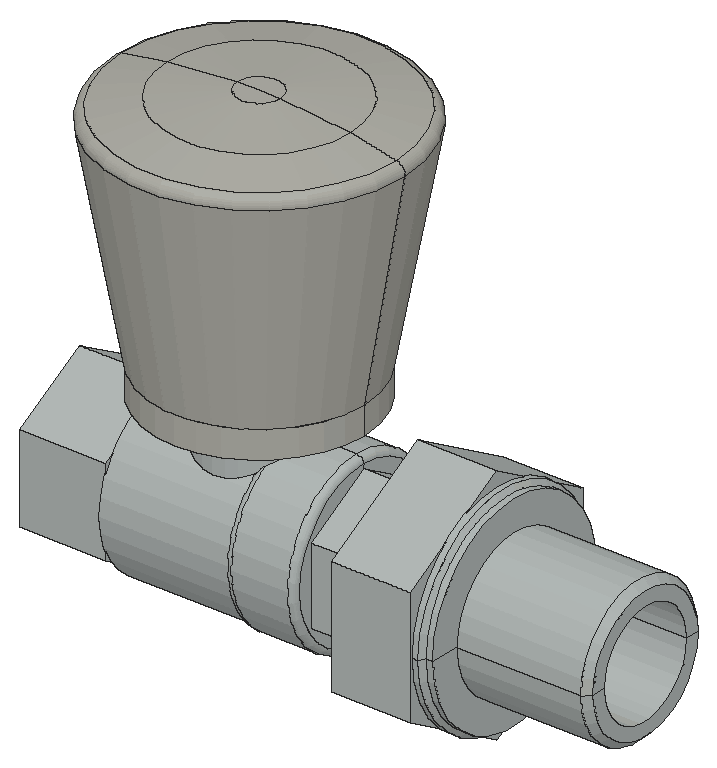
Revit family "QD37200000", category Apparecchi idraulici, Revit 2020
Family settings
  Quota connettore circolare = Usa diametro
  Tipo di parte = Normale
  Numero OmniClass = 23.45.00.00
  Titolo OmniClass = Sanitary, Laundry, and Cleaning Equipment
  Basato su piano di lavoro = No
  Sempre verticale = Sì
  Taglio con vuoti quando caricato = No
  Condiviso = No
  Punto di calcolo locali = No
Parameters
  URL = "https://web.cimberio.it/index.php/figura/710?subcategoria_id=43096"
  Temperatura di esercizio = "-20 ÷ 120°C"
  Prospetto di default = 0 mm
  Produttore = "CIMBERIO SPA"
  Pressione nominale = "PN 25"
  Modello = "Cim 92"
  Materiale = "Prodotto in lega di ottone conforme alla norma EN 12165-CW617N-DW"
  Descrizione = "Utilizzato nei più svariati settori dell'impiantistica: impianti di riscaldamento, condizionamento, idrici, igienico-sanitari, aria compressa e in generale con ogni fluido non corrosivo"
  DN Model [instance] = QD37201015 : QD37201015
  DN [instance] = 15 mm
  Commenti sul tipo = "Realizzato in ottemperanza ai requisiti gestionali della norma EN ISO 9001. Collaudato al 100% secondo la normativa EN 12266-1"
Reference planes
  plane 1 "Centro (Fronte/Retro)": y = 0
  plane 2: z = 0
  plane 3 "Centro (Sinistra/Destra)": x = 0
Dimensions and locks
  aligned and locked: level to plane 2
Nested families
  nested 1: "QD37201015" at (0, 0, 0), type <- "DN Model", type "QD37201015"
  nested 2: "QD37201015" at (0, 0, 0), type <- "DN Model", type "QD37201015"
Connectors
  piping at (55.9, 0, 0), diameter 15, driven by "DN"
    settings: on nested 1, index 1, connector inside diameter 609.6 mm, connector length 0 mm, flow factor 0, pipe flow 0.0 L/s, pressure drop 0.0 Pa, fitting loss kfactor 0, connector angle 0.00°, fixture units 0, engagement length 0 mm, angle of deflection 0.00°, flow configuration 0, flow direction 0, fitting loss method 0, system type 7, joint type 0, gender type 0, connector reference index -1, connector utility 0, adjustable connector no, is connector primary yes, connector description ""
  piping at (-25.997, 0, 0), diameter 15, driven by "DN"
    settings: on nested 1, index 2, connector inside diameter 609.6 mm, connector length 0 mm, flow factor 0, pipe flow 0.0 L/s, pressure drop 0.0 Pa, fitting loss kfactor 0, connector angle 0.00°, fixture units 0, engagement length 0 mm, angle of deflection 0.00°, flow configuration 0, flow direction 0, fitting loss method 0, system type 7, joint type 0, gender type 0, connector reference index -1, connector utility 0, adjustable connector no, is connector primary no, connector description ""
Definition of nested family "QD37201015"
  Parameters (values of type "QD37201015")
    Default Elevation = 0 mm
  Reference planes
    plane 1 "Centro (Fronte/Retro)": y = 0
    plane 2: z = 0
    plane 3 "Centro (Sinistra/Destra)": x = 0
  Forms (mm)
    Extrusion 1, solid
      sketch origin (0, 0, 0) x (0, 1, 0) y (0, 0, 1)
        loop
          circle (0, 0) r 7.5
        loop
          line (0, 17.4) -> (-15.5, 8.451) -> (-15.5, -8.451) -> (0, -17.4) -> (15.5, -8.451) -> (15.5, 8.451) -> (0, 17.4)
      from 22.9 to 34.393
    Revolve 2, solid
      sketch origin (0, 0, 0) x (1, 0, 0) y (0, 0, 1)
        loop
          line (0.065, 27.317) -> (0.065, 8.021) -> (8.5, 8.021) -> (8.5, 20.16)
          arc (8.5, 20.16) -> (8.86, 20.393) -> (9, 20.8) r 0.66
          line (9, 20.8) -> (9, 27.317) -> (0.065, 27.317)
        axis (0.065, 27.317) -> (0.065, 8.021)
      angle from 0 to 360
    Revolve 3, solid
      sketch origin (0, 0, 0) x (1, 0, 0) y (0, 0, 1)
        loop
          line (0, 28.8) -> (-5.984, 28.8) -> (-7.003, 28.281) -> (-7.003, 26.625) -> (0, 26.625) -> (0, 28.8)
        axis (0, 28.8) -> (0, 26.625)
      angle from 0 to 360
    Revolve 4, solid
      sketch origin (4.5, 0, 0) x (1, 0, 0) y (0, 1, 0)
        loop
          line (29.893, 7.5) -> (32.4, 7.5) -> (32.4, 14.75) -> (31.359, 14.75) -> (30.884, 15.467) -> (29.893, 15.467) -> (29.893, 7.5)
        axis (29.893, 0) -> (32.4, 0)
      angle from 0 to 360
    Revolve 5, solid
      sketch origin (4.5, 0, 0) x (1, 0, 0) y (0, 1, 0)
        loop
          line (32.382, 10.45) -> (32.382, 7.5) -> (51.4, 7.5) -> (51.4, 9.45) -> (50.328, 10.45) -> (32.382, 10.45)
        axis (32.382, 0) -> (51.4, 0)
      angle from 0 to 360
    Extrusion 6, solid
      sketch origin (0, 0, 0) x (0, 1, 0) y (0, 0, 1)
        loop
          circle (0, 0) r 7.5
        loop
          line (0, 11) -> (-9.526, 5.5) -> (-9.526, -5.5) -> (0, -11) -> (9.526, -5.5) -> (9.526, 5.5) -> (0, 11)
      from 15 to 21.5
    Revolve 7, solid
      sketch origin (0, 0, 0) x (1, 0, 0) y (0, 0, 1)
        loop
          line (15.07, -7.5) -> (-13.546, -7.5) -> (-13.546, -12.049) -> (5.082, -12.049)
          arc (5.082, -12.049) -> (5.456, -12.395) -> (5.95, -12.521) r 1.034
          line (5.95, -12.521) -> (14.084, -12.521)
          arc (14.084, -12.521) -> (14.781, -12.232) -> (15.07, -11.535) r 0.986
          line (15.07, -11.535) -> (15.07, -7.5)
        axis (-13.546, 0) -> (15.07, 0)
      angle from 0 to 360
    Revolve 8, solid
      sketch origin (0, 0, 0) x (1, 0, 0) y (0, 0, 1)
        loop
          line (21.5, 11) -> (21.5, 7.5) -> (22.9, 7.5) -> (22.9, 13.05) -> (21.5, 11)
        axis (21.5, 0) -> (22.9, 0)
      angle from 0 to 360
    Revolve 9, solid
      sketch origin (0, 0, 0) x (1, 0, 0) y (0, 0, 1)
        loop
          arc (-19.855, 52.583) -> (-20.776, 51.946) -> (-21, 50.849) r 1.5
          line (-21, 50.849) -> (-15.25, 19.3) -> (-15.25, 15.3) -> (-9.467, 15.3) -> (-9.467, 22.31) -> (0, 22.31) -> (0, 54.747) -> (-3.086, 54.747)
          arc (-3.086, 54.747) -> (-8.176, 54.428) -> (-13.24, 53.821) r 90
          arc (-13.24, 53.821) -> (-16.559, 53.264) -> (-19.855, 52.583) r 90
        axis (0, 54.747) -> (0, 15.3)
      angle from 0 to 360
    Extrusion 10, solid
      sketch origin (0, 0, 0) x (0, 1, 0) y (0, 0, 1)
        loop
          circle (0, 0) r 7.5
        loop
          line (0, 12.5) -> (-10.825, 6.25) -> (-10.825, -6.25) -> (0, -12.5) -> (10.825, -6.25) -> (10.825, 6.25) -> (0, 12.5)
      from -25.997 to -13.546
  Dimensions and locks
    aligned and locked: level to plane 2
